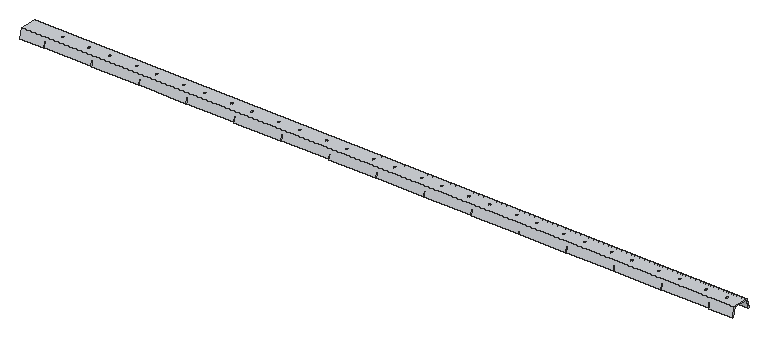
Revit family "TSN BridgeBar (R) 150", category Structural Framing, Revit 2026
Family settings
  Section Shape = Not Defined
  Material for Model Behavior = Other
  Always export as geometry = No
  Classification Number = 23.25.30.11.14.14
  Always vertical = No
  Cut with Voids When Loaded = No
  Symbolic Representation = From Family
  Shared = No
  Show family pre-cut in plan views = No
Parameters
  Version = "2.0"
  URL = "http://www.steelnetwork.com/product.aspx/BridgeBar"
  N2 [instance] = (Length - 2.8700") / 4.0000"  # 14
  N1 [instance] = (Length - 1.1300") / 4.0000"  # 15
  N [instance] = (Length - 2.0000") / 4.0000"  # 15
  Manufacturer = "The Steel Network, Inc."
  Length [instance] = 60.0000"
Reference planes (in)
  plane 1 "Center (Front/Back)": y = 0
  plane 2 "Center El.": z = 0
  plane 3 "Center (Left/Right)": x = 0
  plane 4 "Left": x = -30
  plane 5 "Right": x = 30
  plane 6: z = -0.39826
  plane 7: z = 0.33819
  plane 8: z = 0.30359
  plane 9: y = 0.6525
  plane 10: y = -0.6525
  plane 11: through (480, -0.62547, 0.30359) normal (0, 0.9703, -0.2419)
  plane 12: through (480, -0.6525, 0.33819) normal (0, 0.9703, -0.2419)
  plane 13: z = -0.0344
  plane 14: x = 28.87
  plane 15: x = 24.87
  plane 16: y = -0.83612
  plane 17: y = 0.83654
  plane 18: x = 27.13
  plane 19: x = 23.13
Forms (in)
  Extrusion 1, solid
    sketch origin (30, 0, 0) x (0, -1, 0) y (0, 0, 1)
      loop
        line (0.83612, -0.39826) -> (0.6525, 0.33819) -> (-0.6525, 0.33819) -> (-0.83612, -0.39826) -> (-0.80152, -0.39826) -> (-0.62653, 0.30359) -> (0.62547, 0.30359) -> (0.80046, -0.39826) -> (0.83612, -0.39826)
    from 0 to 60
  Extrusion 2, void
    sketch origin (0, 0, 0) x (1, 0, 0) y (0, 0, 1)
      loop
        line (27.9717, -0.0344) -> (27.9717, -0.39826) -> (28.0283, -0.39826) -> (28.0283, -0.0344) -> (27.9717, -0.0344)
    from -0.83654 to 0.83612
  Extrusion 3, void
    sketch origin (-4, 0, 0) x (1, 0, 0) y (0, 0, 1)
      loop
        line (27.9717, -0.0344) -> (27.9717, -0.39826) -> (28.0283, -0.39826) -> (28.0283, -0.0344) -> (27.9717, -0.0344)
    from -0.83654 to 0.83612
  Extrusion 4, void
    sketch origin (-8, 0, 0) x (1, 0, 0) y (0, 0, 1)
      loop
        line (27.9717, -0.0344) -> (27.9717, -0.39826) -> (28.0283, -0.39826) -> (28.0283, -0.0344) -> (27.9717, -0.0344)
    from -0.83654 to 0.83612
  Extrusion 5, void
    sketch origin (-12, 0, 0) x (1, 0, 0) y (0, 0, 1)
      loop
        line (27.9717, -0.0344) -> (27.9717, -0.39826) -> (28.0283, -0.39826) -> (28.0283, -0.0344) -> (27.9717, -0.0344)
    from -0.83654 to 0.83612
  Extrusion 6, void
    sketch origin (-16, 0, 0) x (1, 0, 0) y (0, 0, 1)
      loop
        line (27.9717, -0.0344) -> (27.9717, -0.39826) -> (28.0283, -0.39826) -> (28.0283, -0.0344) -> (27.9717, -0.0344)
    from -0.83654 to 0.83612
  Extrusion 7, void
    sketch origin (-20, 0, 0) x (1, 0, 0) y (0, 0, 1)
      loop
        line (27.9717, -0.0344) -> (27.9717, -0.39826) -> (28.0283, -0.39826) -> (28.0283, -0.0344) -> (27.9717, -0.0344)
    from -0.83654 to 0.83612
  Extrusion 8, void
    sketch origin (-24, 0, 0) x (1, 0, 0) y (0, 0, 1)
      loop
        line (27.9717, -0.0344) -> (27.9717, -0.39826) -> (28.0283, -0.39826) -> (28.0283, -0.0344) -> (27.9717, -0.0344)
    from -0.83654 to 0.83612
  Extrusion 9, void
    sketch origin (-28, 0, 0) x (1, 0, 0) y (0, 0, 1)
      loop
        line (27.9717, -0.0344) -> (27.9717, -0.39826) -> (28.0283, -0.39826) -> (28.0283, -0.0344) -> (27.9717, -0.0344)
    from -0.83654 to 0.83612
  Extrusion 10, void
    sketch origin (-32, 0, 0) x (1, 0, 0) y (0, 0, 1)
      loop
        line (27.9717, -0.0344) -> (27.9717, -0.39826) -> (28.0283, -0.39826) -> (28.0283, -0.0344) -> (27.9717, -0.0344)
    from -0.83654 to 0.83612
  Extrusion 11, void
    sketch origin (-36, 0, 0) x (1, 0, 0) y (0, 0, 1)
      loop
        line (27.9717, -0.0344) -> (27.9717, -0.39826) -> (28.0283, -0.39826) -> (28.0283, -0.0344) -> (27.9717, -0.0344)
    from -0.83654 to 0.83612
  Extrusion 12, void
    sketch origin (-40, 0, 0) x (1, 0, 0) y (0, 0, 1)
      loop
        line (27.9717, -0.0344) -> (27.9717, -0.39826) -> (28.0283, -0.39826) -> (28.0283, -0.0344) -> (27.9717, -0.0344)
    from -0.83654 to 0.83612
  Extrusion 13, void
    sketch origin (-44, 0, 0) x (1, 0, 0) y (0, 0, 1)
      loop
        line (27.9717, -0.0344) -> (27.9717, -0.39826) -> (28.0283, -0.39826) -> (28.0283, -0.0344) -> (27.9717, -0.0344)
    from -0.83654 to 0.83612
  Extrusion 14, void
    sketch origin (-48, 0, 0) x (1, 0, 0) y (0, 0, 1)
      loop
        line (27.9717, -0.0344) -> (27.9717, -0.39826) -> (28.0283, -0.39826) -> (28.0283, -0.0344) -> (27.9717, -0.0344)
    from -0.83654 to 0.83612
  Extrusion 15, void
    sketch origin (-52, 0, 0) x (1, 0, 0) y (0, 0, 1)
      loop
        line (27.9717, -0.0344) -> (27.9717, -0.39826) -> (28.0283, -0.39826) -> (28.0283, -0.0344) -> (27.9717, -0.0344)
    from -0.83654 to 0.83612
  Extrusion 16, void
    sketch origin (-56, 0, 0) x (1, 0, 0) y (0, 0, 1)
      loop
        line (27.9717, -0.0344) -> (27.9717, -0.39826) -> (28.0283, -0.39826) -> (28.0283, -0.0344) -> (27.9717, -0.0344)
    from -0.83654 to 0.83612
  Extrusion 17, void
    sketch origin (0, 0, 0) x (1, 0, 0) y (0, 1, 0)
      loop
        circle (28.87, 0) r 0.066
    from 0.30359 to 0.33819
  Extrusion 18, void
    sketch origin (-1.74, 0, 0) x (1, 0, 0) y (0, 1, 0)
      loop
        circle (28.87, 0) r 0.066
    from 0.30359 to 0.33819
  Extrusion 19, void
    sketch origin (-4, 0, 0) x (1, 0, 0) y (0, 1, 0)
      loop
        circle (28.87, 0) r 0.066
    from 0.30359 to 0.33819
  Extrusion 20, void
    sketch origin (-8, 0, 0) x (1, 0, 0) y (0, 1, 0)
      loop
        circle (28.87, 0) r 0.066
    from 0.30359 to 0.33819
  Extrusion 21, void
    sketch origin (-12, 0, 0) x (1, 0, 0) y (0, 1, 0)
      loop
        circle (28.87, 0) r 0.066
    from 0.30359 to 0.33819
  Extrusion 22, void
    sketch origin (-16, 0, 0) x (1, 0, 0) y (0, 1, 0)
      loop
        circle (28.87, 0) r 0.066
    from 0.30359 to 0.33819
  Extrusion 23, void
    sketch origin (-20, 0, 0) x (1, 0, 0) y (0, 1, 0)
      loop
        circle (28.87, 0) r 0.066
    from 0.30359 to 0.33819
  Extrusion 24, void
    sketch origin (-24, 0, 0) x (1, 0, 0) y (0, 1, 0)
      loop
        circle (28.87, 0) r 0.066
    from 0.30359 to 0.33819
  Extrusion 25, void
    sketch origin (-28, 0, 0) x (1, 0, 0) y (0, 1, 0)
      loop
        circle (28.87, 0) r 0.066
    from 0.30359 to 0.33819
  Extrusion 26, void
    sketch origin (-32, 0, 0) x (1, 0, 0) y (0, 1, 0)
      loop
        circle (28.87, 0) r 0.066
    from 0.30359 to 0.33819
  Extrusion 27, void
    sketch origin (-36, 0, 0) x (1, 0, 0) y (0, 1, 0)
      loop
        circle (28.87, 0) r 0.066
    from 0.30359 to 0.33819
  Extrusion 28, void
    sketch origin (-40, 0, 0) x (1, 0, 0) y (0, 1, 0)
      loop
        circle (28.87, 0) r 0.066
    from 0.30359 to 0.33819
  Extrusion 29, void
    sketch origin (-44, 0, 0) x (1, 0, 0) y (0, 1, 0)
      loop
        circle (28.87, 0) r 0.066
    from 0.30359 to 0.33819
  Extrusion 30, void
    sketch origin (-48, 0, 0) x (1, 0, 0) y (0, 1, 0)
      loop
        circle (28.87, 0) r 0.066
    from 0.30359 to 0.33819
  Extrusion 31, void
    sketch origin (-52, 0, 0) x (1, 0, 0) y (0, 1, 0)
      loop
        circle (28.87, 0) r 0.066
    from 0.30359 to 0.33819
  Extrusion 32, void
    sketch origin (-56, 0, 0) x (1, 0, 0) y (0, 1, 0)
      loop
        circle (28.87, 0) r 0.066
    from 0.30359 to 0.33819
  Extrusion 33, void
    sketch origin (-5.74, 0, 0) x (1, 0, 0) y (0, 1, 0)
      loop
        circle (28.87, 0) r 0.066
    from 0.30359 to 0.33819
  Extrusion 34, void
    sketch origin (-9.74, 0, 0) x (1, 0, 0) y (0, 1, 0)
      loop
        circle (28.87, 0) r 0.066
    from 0.30359 to 0.33819
  Extrusion 35, void
    sketch origin (-13.74, 0, 0) x (1, 0, 0) y (0, 1, 0)
      loop
        circle (28.87, 0) r 0.066
    from 0.30359 to 0.33819
  Extrusion 36, void
    sketch origin (-17.74, 0, 0) x (1, 0, 0) y (0, 1, 0)
      loop
        circle (28.87, 0) r 0.066
    from 0.30359 to 0.33819
  Extrusion 37, void
    sketch origin (-21.74, 0, 0) x (1, 0, 0) y (0, 1, 0)
      loop
        circle (28.87, 0) r 0.066
    from 0.30359 to 0.33819
  Extrusion 38, void
    sketch origin (-25.74, 0, 0) x (1, 0, 0) y (0, 1, 0)
      loop
        circle (28.87, 0) r 0.066
    from 0.30359 to 0.33819
  Extrusion 39, void
    sketch origin (-29.74, 0, 0) x (1, 0, 0) y (0, 1, 0)
      loop
        circle (28.87, 0) r 0.066
    from 0.30359 to 0.33819
  Extrusion 40, void
    sketch origin (-33.74, 0, 0) x (1, 0, 0) y (0, 1, 0)
      loop
        circle (28.87, 0) r 0.066
    from 0.30359 to 0.33819
  Extrusion 41, void
    sketch origin (-37.74, 0, 0) x (1, 0, 0) y (0, 1, 0)
      loop
        circle (28.87, 0) r 0.066
    from 0.30359 to 0.33819
  Extrusion 42, void
    sketch origin (-41.74, 0, 0) x (1, 0, 0) y (0, 1, 0)
      loop
        circle (28.87, 0) r 0.066
    from 0.30359 to 0.33819
  Extrusion 43, void
    sketch origin (-45.74, 0, 0) x (1, 0, 0) y (0, 1, 0)
      loop
        circle (28.87, 0) r 0.066
    from 0.30359 to 0.33819
  Extrusion 44, void
    sketch origin (-49.74, 0, 0) x (1, 0, 0) y (0, 1, 0)
      loop
        circle (28.87, 0) r 0.066
    from 0.30359 to 0.33819
  Extrusion 45, void
    sketch origin (-53.74, 0, 0) x (1, 0, 0) y (0, 1, 0)
      loop
        circle (28.87, 0) r 0.066
    from 0.30359 to 0.33819
Cuts and joins
  Extrusion 2, Extrusion 3, Extrusion 4, Extrusion 5, Extrusion 6, Extrusion 7, Extrusion 8, Extrusion 9, Extrusion 10, Extrusion 11, Extrusion 12, Extrusion 13, Extrusion 14, Extrusion 15, Extrusion 16, Extrusion 17, Extrusion 18, Extrusion 19, Extrusion 20, Extrusion 21, Extrusion 22, Extrusion 23, Extrusion 24, Extrusion 25, Extrusion 26, Extrusion 27, Extrusion 28, Extrusion 29, Extrusion 30, Extrusion 31, Extrusion 32, Extrusion 33, Extrusion 34, Extrusion 35, Extrusion 36, Extrusion 37, Extrusion 38, Extrusion 39, Extrusion 40, Extrusion 41, Extrusion 42, Extrusion 43, Extrusion 44, Extrusion 45 cuts Extrusion 1
Lines and regions (in)
  model lines, style "Stick Symbols", detail levels coarse
    curve 1: line (-36, 0, 0) -> (36, 0, 0)
Dimensions and locks (in)
  equal spacing: plane 4 "Left", plane 3 "Center (Left/Right)", plane 5 "Right"
  "Length": plane 4 "Left" to plane 5 "Right"
  equal spacing: plane 10, plane 1 "Center (Front/Back)", plane 9
  equal spacing: group 15, group 14, group 13, group 12, group 11, group 10, group 9, group 8, group 7, group 6, group 5, group 4, group 3, group 2, group 1
  equal spacing: group 1, group 2, group 3, group 4, group 5, group 6, group 7, group 8, group 9, group 10, group 11, group 12, group 13, group 14, group 15  (x2)
  equal spacing: group 30, group 29, group 28, group 27, group 26, group 25, group 24, group 23, group 22, group 21, group 20, group 19, group 18, group 17, group 16
  equal spacing: group 16, group 17, group 18, group 19, group 20, group 21, group 22, group 23, group 24, group 25, group 26, group 27, group 28, group 29, group 30  (x2)
  equal spacing: group 44, group 43, group 42, group 41, group 40, group 39, group 38, group 37, group 36, group 35, group 34, group 33, group 32, group 31
  equal spacing: group 31, group 32, group 33, group 34, group 35, group 36, group 37, group 38, group 39, group 40, group 41, group 42, group 43, group 44  (x2)
  aligned and locked: plane 1 "Center (Front/Back)" to curve 1
  aligned and locked: plane 4 "Left" to Extrusion 1
  aligned and locked: Extrusion 1 to plane 5 "Right"
Automatic sketch dimensions
  Extrusion 2 sketch curve to Extrusion 2 sketch curve = 0.0566"
  Extrusion 2 sketch curve to Extrusion 2 sketch curve = 0.36386"
  Extrusion 3 sketch curve to Extrusion 3 sketch curve = 0.0566"
  Extrusion 3 sketch curve to Extrusion 3 sketch curve = 0.36386"
  Extrusion 4 sketch curve to Extrusion 4 sketch curve = 0.0566"
  Extrusion 4 sketch curve to Extrusion 4 sketch curve = 0.36386"
  Extrusion 5 sketch curve to Extrusion 5 sketch curve = 0.0566"
  Extrusion 5 sketch curve to Extrusion 5 sketch curve = 0.36386"
  Extrusion 6 sketch curve to Extrusion 6 sketch curve = 0.0566"
  Extrusion 6 sketch curve to Extrusion 6 sketch curve = 0.36386"
  Extrusion 7 sketch curve to Extrusion 7 sketch curve = 0.0566"
  Extrusion 7 sketch curve to Extrusion 7 sketch curve = 0.36386"
  Extrusion 8 sketch curve to Extrusion 8 sketch curve = 0.0566"
  Extrusion 8 sketch curve to Extrusion 8 sketch curve = 0.36386"
  Extrusion 9 sketch curve to Extrusion 9 sketch curve = 0.0566"
  Extrusion 9 sketch curve to Extrusion 9 sketch curve = 0.36386"
  Extrusion 10 sketch curve to Extrusion 10 sketch curve = 0.0566"
  Extrusion 10 sketch curve to Extrusion 10 sketch curve = 0.36386"
  Extrusion 11 sketch curve to Extrusion 11 sketch curve = 0.0566"
  Extrusion 11 sketch curve to Extrusion 11 sketch curve = 0.36386"
  Extrusion 12 sketch curve to Extrusion 12 sketch curve = 0.0566"
  Extrusion 12 sketch curve to Extrusion 12 sketch curve = 0.36386"
  Extrusion 13 sketch curve to Extrusion 13 sketch curve = 0.0566"
  Extrusion 13 sketch curve to Extrusion 13 sketch curve = 0.36386"
  Extrusion 14 sketch curve to Extrusion 14 sketch curve = 0.0566"
  Extrusion 14 sketch curve to Extrusion 14 sketch curve = 0.36386"
  Extrusion 15 sketch curve to Extrusion 15 sketch curve = 0.0566"
  Extrusion 15 sketch curve to Extrusion 15 sketch curve = 0.36386"
  Extrusion 16 sketch curve to Extrusion 16 sketch curve = 0.0566"
  Extrusion 16 sketch curve to Extrusion 16 sketch curve = 0.36386"
  plane 4 "Left" to curve 1 = 6.0000"
  curve 1 to plane 5 "Right" = 6.0000"
  Extrusion 1 sketch curve to plane 6 = 0.0000"  (x2)
  Extrusion 1 sketch curve to plane 7 = 0.0000"
  Extrusion 1 sketch curve to plane 9 = 0.0000"
  Extrusion 1 sketch curve to plane 8 = 0.0000"
  plane 11 to Extrusion 1 sketch curve = 0.0000"  (x2)
  Extrusion 1 sketch curve to plane 10 = 0.0000"
  plane 12 to Extrusion 1 sketch curve = 0.0000"
  Extrusion 1 sketch curve to plane 17 = 0.03502"
  Extrusion 1 sketch curve to plane 17 = 0.00042"
  Extrusion 1 sketch curve to plane 9 = 0.02597"
  radius of Extrusion 17 sketch curve = 0.0660"
  radius of Extrusion 18 sketch curve = 0.0660"
  radius of Extrusion 19 sketch curve = 0.0660"
  radius of Extrusion 20 sketch curve = 0.0660"
  radius of Extrusion 21 sketch curve = 0.0660"
  radius of Extrusion 22 sketch curve = 0.0660"
  radius of Extrusion 23 sketch curve = 0.0660"
  radius of Extrusion 24 sketch curve = 0.0660"
  radius of Extrusion 25 sketch curve = 0.0660"
  radius of Extrusion 26 sketch curve = 0.0660"
  radius of Extrusion 27 sketch curve = 0.0660"
  radius of Extrusion 28 sketch curve = 0.0660"
  radius of Extrusion 29 sketch curve = 0.0660"
  radius of Extrusion 30 sketch curve = 0.0660"
  radius of Extrusion 31 sketch curve = 0.0660"
  radius of Extrusion 32 sketch curve = 0.0660"
  radius of Extrusion 33 sketch curve = 0.0660"
  radius of Extrusion 34 sketch curve = 0.0660"
  radius of Extrusion 35 sketch curve = 0.0660"
  radius of Extrusion 36 sketch curve = 0.0660"
  radius of Extrusion 37 sketch curve = 0.0660"
  radius of Extrusion 38 sketch curve = 0.0660"
  radius of Extrusion 39 sketch curve = 0.0660"
  radius of Extrusion 40 sketch curve = 0.0660"
  radius of Extrusion 41 sketch curve = 0.0660"
  radius of Extrusion 42 sketch curve = 0.0660"
  radius of Extrusion 43 sketch curve = 0.0660"
  radius of Extrusion 44 sketch curve = 0.0660"
  radius of Extrusion 45 sketch curve = 0.0660"
